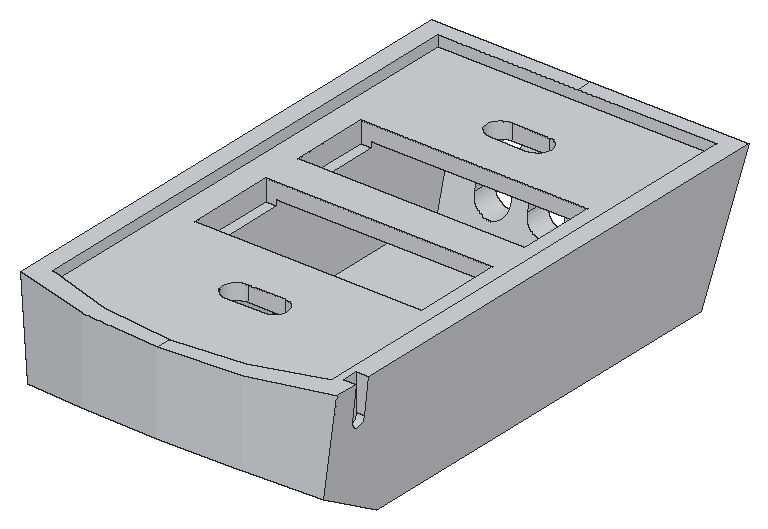
Revit family
Parameters
  Material ID = "760091280"
  Description = "M13FP-TR1-262, SG, LP, KIT, WHITE/CLEAR"
Reference planes (in)
  plane 1 "Center (Front/Back)": y = 0
  plane 2: z = 0
  plane 3 "Center (Left/Right)": x = 0
Forms (in)
  Extrusion 1, solid
    sketch origin (0, 0, 0) x (1, 0, 0) y (0, 0, 1)
      loop
        line (0, 0) -> (-1.5, 0) -> (-1.36411, -1.29288)
        arc (-1.36411, -1.29288) -> (0, -1.46105) -> (1.36411, -1.29288) r 5.61665
        line (1.36411, -1.29288) -> (1.5, 0) -> (0, 0)
    from 0 to 5.15
  Extrusion 2, void
    sketch origin (-0.315, -0.46, 0) x (0, -1, 0) y (0, 0, 1)
      loop
        line (4.69, -0.76) -> (3.39096, -1.51) -> (5.03982, -1.56758) -> (4.69, -0.76)
      loop
        line (-0.46, 0) -> (-0.46, -2) -> (0.02432, -1.58412) -> (-0.46, 0)
    from -2.31334 to 1.58324
  Extrusion 3, void
    sketch origin (0, 0, 0) x (1, 0, 0) y (0, 0, 1)
      loop
        line (0, -0.30208) -> (-0.17, -0.30208) -> (-0.17, -0.93208)
        arc (-0.17, -0.93208) -> (0, -1.10208) -> (0.17, -0.93208) r 0.17
        line (0.17, -0.93208) -> (0.17, -0.30208) -> (0, -0.30208)
      loop
        line (0.5, -0.30208) -> (0.33, -0.30208) -> (0.33, -0.93208)
        arc (0.33, -0.93208) -> (0.5, -1.10208) -> (0.67, -0.93208) r 0.17
        line (0.67, -0.93208) -> (0.67, -0.30208) -> (0.5, -0.30208)
      loop
        line (-0.5, -0.30208) -> (-0.67, -0.30208) -> (-0.67, -0.93208)
        arc (-0.67, -0.93208) -> (-0.5, -1.10208) -> (-0.33, -0.93208) r 0.17
        line (-0.33, -0.93208) -> (-0.33, -0.30208) -> (-0.5, -0.30208)
    from 0 to 1.1297
  Extrusion 4, void
    sketch origin (0, 0, 0) x (0, 1, 0) y (0, 0, 1)
      loop
        line (-4.64553, 0) -> (-4.64553, -0.3408)
        arc (-4.64553, -0.3408) -> (-4.57053, -0.4158) -> (-4.49553, -0.3408) r 0.075
        line (-4.49553, -0.3408) -> (-4.49553, 0) -> (-4.64553, 0)
    from 1.38228 to 2.61273
  Extrusion 5, void
    sketch origin (-0.315, -5.15, -0.76) x (0, -0.866025, 0.5) y (1, 0, 0)
      loop
        line (-0.39601, -0.86983) -> (-0.39601, 1.48946) -> (-0.96777, 1.48946) -> (-0.96777, -0.86983) -> (-0.39601, -0.86983)
    from 0 to 0.1
  Extrusion 6, void
    sketch origin (0, 0, 0) x (1, 0, 0) y (0, 1, 0)
      loop
        line (-1.5, -4.87079) -> (-1.57493, -5.34388) -> (1.75481, -5.48673) -> (1.5, -4.87079)
        arc (1.5, -4.87079) -> (0, -5.12605) -> (-1.5, -4.87079) r 4.53489
    from -3.94063 to 12
  Extrusion 7, void
    sketch origin (0, 0, 0) x (1, 0, 0) y (0, 1, 0)
      loop
        line (1.07293, -1.36236) -> (-1.08023, -1.36236) -> (-1.08023, -2.11236) -> (1.07293, -2.11236) -> (1.07293, -1.36236)
      loop
        line (1.07293, -2.48638) -> (-1.08023, -2.48638) -> (-1.08023, -3.32789) -> (1.07293, -3.32789) -> (1.07293, -2.48638)
      loop
        line (-0.17488, -0.97433) -> (0.17488, -0.97433)
        arc (0.17488, -0.97433) -> (0.30997, -0.83923) -> (0.17488, -0.70414) r 0.1351
        line (0.17488, -0.70414) -> (-0.17488, -0.70414)
        arc (-0.17488, -0.70414) -> (-0.30997, -0.83923) -> (-0.17488, -0.97433) r 0.1351
      loop
        line (-0.17488, -4.09808) -> (0.17488, -4.09808)
        arc (0.17488, -4.09808) -> (0.30997, -3.96299) -> (0.17488, -3.82789) r 0.1351
        line (0.17488, -3.82789) -> (-0.17488, -3.82789)
        arc (-0.17488, -3.82789) -> (-0.30997, -3.96299) -> (-0.17488, -4.09808) r 0.1351
    from -0.30208 to 0.99709
  Extrusion 8, void
    sketch origin (0, 0, 0) x (1, 0, 0) y (0, 1, 0)
      loop
        line (1.3138, -0.14345) -> (-1.32839, -0.14345) -> (-1.32839, -4.70424)
        arc (-1.32839, -4.70424) -> (-0.0073, -4.98064) -> (1.3138, -4.70424) r 3.29537
        line (1.3138, -4.70424) -> (1.3138, -0.14345)
    from -0.1 to 1.57629
  Extrusion 9, void
    sketch origin (0, 0, 0) x (0, 1, 0) y (0, 0, 1)
      loop
        line (-0.33429, -0.24801) -> (-4.79748, -0.24801) -> (-4.79748, -0.74801) -> (-4.19071, -1.18885) -> (-0.59344, -1.18885) -> (-0.33429, -0.24801)
    from -0.97383 to 0.98902
Cuts and joins
  Extrusion 2, Extrusion 3, Extrusion 4, Extrusion 5, Extrusion 6, Extrusion 7, Extrusion 8, Extrusion 9 cuts Extrusion 1
